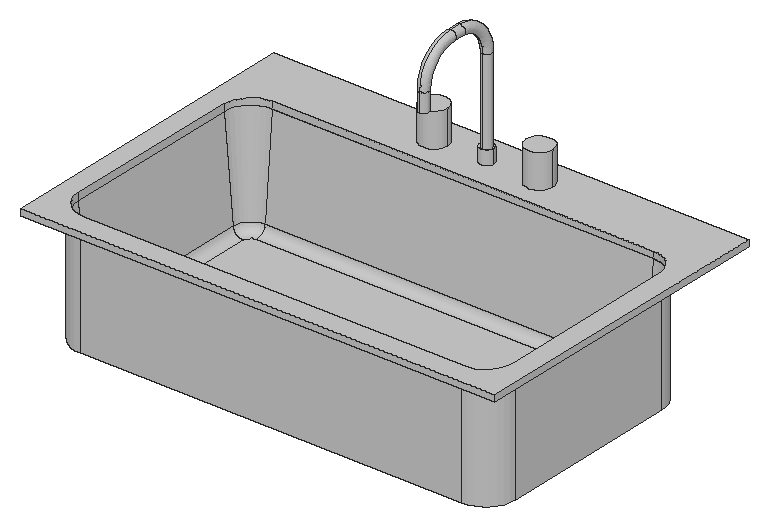
Revit family
Parameters (values of type "900 x  600mm")
  작업대 높이 [instance] = 900.00 mm
  깊이 = 600.00 mm
  설비 재료 = 금속 - 스틸, 광택
  싱크대 재료 = 금속 - 스틸, 광택
  폭 = 900.00 mm
  Assembly Code = ""
Types (2, lengths in mm): name | 깊이 | 폭
  760 x 535mm | 535.00 | 760.00
  900 x  600mm | 600.00 | 900.00
Reference planes
  plane 1 "중심(앞/뒤)": y = 2.345
  plane 2: z = 0
  plane 3 "중심(왼쪽/오른쪽)": x = 15.689
  plane 4: y = 302.345
  plane 5: y = -297.655
  plane 6: x = -434.311
  plane 7: x = 465.689
  plane 8 "작업대 상단": z = 900
  plane 9: z = 912.7
  plane 10: z = 684.1
  plane 11: y = 188.045
  plane 12: x = -396.211
  plane 13: y = -259.555
  plane 14: x = 427.589
  plane 15: x = -84.311
  plane 16: x = 115.689
  plane 17: y = 245.195
  plane 18: y = 245.195
  plane 19: y = 245.195
  plane 20: z = 1163.525
  plane 21: y = 95.97
  plane 22: z = 976.2
  plane 23: z = 938.1
Forms (mm)
  Extrusion 1, solid, material "금속 - 스틸, 광택" <- "싱크대 재료"
    sketch origin (0, 0, 0) x (1, 0, 0) y (0, 1, 0)
      loop
        line (-434.311, 302.345) -> (-434.311, -297.655) -> (465.689, -297.655) -> (465.689, 302.345) -> (-434.311, 302.345)
      loop
        arc (-345.411, 188.045) -> (-381.332, 173.166) -> (-396.211, 137.245) r 50.8
        line (-396.211, 137.245) -> (-396.211, -208.755)
        arc (-396.211, -208.755) -> (-381.332, -244.676) -> (-345.411, -259.555) r 50.8
        line (-345.411, -259.555) -> (376.789, -259.555)
        arc (376.789, -259.555) -> (412.71, -244.676) -> (427.589, -208.755) r 50.8
        line (427.589, -208.755) -> (427.589, 137.245)
        arc (427.589, 137.245) -> (412.71, 173.166) -> (376.789, 188.045) r 50.8
        line (376.789, 188.045) -> (-345.411, 188.045)
    from 900 to 912.7
  Sweep 2, solid, material "금속 - 스틸, 광택" <- "싱크대 재료"
    path origin (0, 0, 0) x (1, 0, 0) y (0, 1, 0)
      loop
        arc (-345.411, 188.045) -> (-381.332, 173.166) -> (-396.211, 137.245) r 50.8
        line (-396.211, 137.245) -> (-396.211, -208.755)
        arc (-396.211, -208.755) -> (-381.332, -244.676) -> (-345.411, -259.555) r 50.8
        line (-345.411, -259.555) -> (376.789, -259.555)
        arc (376.789, -259.555) -> (412.71, -244.676) -> (427.589, -208.755) r 50.8
        line (427.589, -208.755) -> (427.589, 137.245)
        arc (427.589, 137.245) -> (412.71, 173.166) -> (376.789, 188.045) r 50.8
        line (376.789, 188.045) -> (-345.411, 188.045)
    profile origin (15.689, 0, 0) x (0, 1, 0) y (0, 0, 1)
      loop
        line (188.045, 900) -> (171.511, 711.015)
        arc (171.511, 711.015) -> (165.404, 698.63) -> (152.534, 693.625) r 19.05
        line (152.534, 693.625) -> (149.945, 693.625) -> (149.945, 684.1) -> (194.395, 684.1) -> (194.395, 900) -> (188.045, 900)
  Extrusion 3, solid, material "금속 - 스틸, 광택" <- "싱크대 재료"
    sketch origin (0, 0, 0) x (1, 0, 0) y (0, 1, 0)
      loop
        arc (-345.411, 149.945) -> (-354.391, 146.226) -> (-358.111, 137.245) r 12.7
        line (-358.111, 137.245) -> (-358.111, -208.755)
        arc (-358.111, -208.755) -> (-354.391, -217.735) -> (-345.411, -221.455) r 12.7
        line (-345.411, -221.455) -> (376.789, -221.455)
        arc (376.789, -221.455) -> (385.769, -217.735) -> (389.489, -208.755) r 12.7
        line (389.489, -208.755) -> (389.489, 137.245)
        arc (389.489, 137.245) -> (385.769, 146.226) -> (376.789, 149.945) r 12.7
        line (376.789, 149.945) -> (-345.411, 149.945)
      loop
        circle (15.689, 0) r 25.4
    from 684.1 to 693.625
  Extrusion 4, solid, material "금속 - 스틸, 광택" <- "설비 재료"
    sketch origin (0, 0, 0) x (1, 0, 0) y (0, 1, 0)
      loop
        circle (-84.311, 245.195) r 25.4
      loop
        circle (115.689, 245.195) r 25.4
    from 912.7 to 976.2
  Sweep 5, solid, material "금속 - 스틸, 광택" <- "설비 재료"
    path origin (15.689, 0, 0) x (0, 1, 0) y (0, 0, 1)
      loop
        line (245.195, 912.7) -> (245.195, 1100.025)
        arc (245.195, 1100.025) -> (226.597, 1144.926) -> (181.695, 1163.525) r 63.5
        line (181.695, 1163.525) -> (159.47, 1163.525)
        arc (159.47, 1163.525) -> (114.569, 1144.926) -> (95.97, 1100.025) r 63.5
        line (95.97, 1100.025) -> (95.97, 1065.1)
    profile origin (15.689, 0, 1006.363) x (0, -1, 0) y (1, 0, 0)
      loop
        circle (-245.195, 0) r 9.525
  Extrusion 6, solid, material "금속 - 스틸, 광택" <- "설비 재료"
    sketch origin (0, 0, 0) x (1, 0, 0) y (0, 1, 0)
      loop
        circle (15.689, 245.195) r 12.7
    from 912.7 to 938.1
Cuts and joins
  joined: Sweep 5, Extrusion 6
  joined: Sweep 2, Extrusion 3
Lines and regions (mm)
  Masking region 1
    outline origin (0, 0, 900) x (0, -1, 0) y (1, 0, 0)
      loop
        line (-302.345, -434.311) -> (297.655, -434.311) -> (297.655, 465.689) -> (-302.345, 465.689) -> (-302.345, -434.311)
  symbolic lines
    curve 1: arc (41.089, 0, 900) -> (15.689, 25.4, 900) -> (-9.711, 0, 900) r 25.4
    curve 2: arc (-9.711, 0, 900) -> (15.689, -25.4, 900) -> (41.089, 0, 900) r 25.4
    curve 3: line (-396.211, 137.245, 900) -> (-396.211, -208.755, 900)
    curve 4: line (-345.411, -259.555, 900) -> (376.789, -259.555, 900)
    curve 5: line (427.589, -208.755, 900) -> (427.589, 137.245, 900)
    curve 6: line (376.789, 188.045, 900) -> (28.389, 188.045, 900)
    curve 7: arc (427.589, 137.245, 900) -> (412.71, 173.166, 900) -> (376.789, 188.045, 900) r 50.8
    curve 8: arc (376.789, -259.555, 900) -> (412.71, -244.676, 900) -> (427.589, -208.755, 900) r 50.8
    curve 9: arc (-396.211, -208.755, 900) -> (-381.332, -244.676, 900) -> (-345.411, -259.555, 900) r 50.8
    curve 10: arc (-345.411, 188.045, 900) -> (-381.332, 173.166, 900) -> (-396.211, 137.245, 900) r 50.8
    curve 11: arc (28.389, 245.195, 900) -> (15.689, 257.895, 900) -> (2.989, 245.195, 900) r 12.7
    curve 12: line (2.989, 245.195, 900) -> (2.989, 53.145, 900)
    curve 13: line (28.389, 245.195, 900) -> (28.389, 53.145, 900)
    curve 14: arc (28.389, 53.145, 900) -> (15.689, 40.445, 900) -> (2.989, 53.145, 900) r 12.7
    curve 15: line (2.989, 188.045, 900) -> (-345.411, 188.045, 900)
    curve 16: arc (-58.911, 245.195, 900) -> (-84.311, 270.595, 900) -> (-109.711, 245.195, 900) r 25.4
    curve 17: arc (-109.711, 245.195, 900) -> (-84.311, 219.795, 900) -> (-58.911, 245.195, 900) r 25.4
    curve 18: arc (90.289, 245.195, 900) -> (115.689, 219.795, 900) -> (141.089, 245.195, 900) r 25.4
    curve 19: arc (141.089, 245.195, 900) -> (115.689, 270.595, 900) -> (90.289, 245.195, 900) r 25.4
Dimensions and locks
  equal spacing: plane 6, plane 3 "중심(왼쪽/오른쪽)", plane 7
  "폭": plane 6 to plane 7
  equal spacing: plane 5, plane 1 "중심(앞/뒤)", plane 4
  "깊이": plane 5 to plane 4
  "작업대 높이": plane 8 "작업대 상단" to plane 2
  locked: plane 9 to plane 8 "작업대 상단" at 12.7
  locked: plane 8 "작업대 상단" to plane 10 at 215.9
  locked: plane 6 to plane 12 at 38.1
  locked: plane 14 to plane 7 at 38.1
  locked: plane 11 to plane 4 at 114.3
  locked: plane 5 to plane 13 at 38.1
  equal spacing: plane 11, plane 17, plane 4
  equal spacing: plane 11, plane 18, plane 4
  equal spacing: plane 4, plane 19, plane 11
  locked: plane 19 to plane 21 at 149.225
  locked: plane 20 to plane 9 at 250.825
  locked: plane 22 to plane 9 at 63.5
  locked: plane 23 to plane 9 at 25.4
  locked: plane 15 to plane 3 "중심(왼쪽/오른쪽)" at 100
  locked: plane 3 "중심(왼쪽/오른쪽)" to plane 16 at 100
  aligned and locked: Extrusion 1 sketch curve to plane 5
  aligned and locked: plane 7 to Extrusion 1 sketch curve
  aligned and locked: plane 4 to Extrusion 1 sketch curve
  aligned and locked: Extrusion 1 sketch curve to plane 6
  aligned and locked: plane 8 "작업대 상단" to Extrusion 1
  aligned and locked: Extrusion 1 to plane 9
  aligned and locked: plane 11 to Extrusion 1 sketch curve
  aligned and locked: plane 14 to Extrusion 1 sketch curve
  aligned and locked: Extrusion 1 sketch curve to plane 12
  aligned and locked: Extrusion 1 sketch curve to plane 13
  aligned and locked: plane 11 to Sweep 2 sketch curve
  aligned and locked: plane 14 to Sweep 2 sketch curve
  aligned and locked: Sweep 2 sketch curve to plane 12
  aligned and locked: Sweep 2 sketch curve to plane 13
  aligned and locked: Sweep 2 to Extrusion 3 sketch curve  (x4)
  aligned and locked: Sweep 2 to Extrusion 3
  aligned and locked: plane 10 to Extrusion 3
  aligned and locked: Sweep 2 sketch curve to plane 10
  aligned and locked: plane 8 "작업대 상단" to Sweep 2 sketch curve
  aligned and locked: Extrusion 4 to Extrusion 1
  aligned and locked: Extrusion 6 to Extrusion 1
  aligned and locked: Sweep 5 sketch curve to plane 19
  aligned and locked: plane 20 to Sweep 5 sketch curve
  aligned and locked: plane 21 to Sweep 5 sketch curve
  aligned and locked: Extrusion 4 to plane 22
  aligned and locked: Extrusion 6 to plane 23
  aligned and locked: plane 7 to Masking region 1 sketch curve
  aligned and locked: plane 4 to Masking region 1 sketch curve
  aligned and locked: Masking region 1 sketch curve to plane 6
  aligned and locked: Masking region 1 sketch curve to plane 5
  aligned and locked: plane 15 to Extrusion 4 sketch curve
  aligned and locked: plane 17 to Extrusion 4 sketch curve  (x2)
  aligned and locked: plane 16 to Extrusion 4 sketch curve
  aligned and locked: curve 16 to Extrusion 4
  aligned and locked: curve 18 to Extrusion 4
Automatic sketch dimensions
  Sweep 2 sketch curve to plane 12 = 50.80 mm
  Sweep 2 sketch curve to Sweep 2 sketch curve = 50.80 mm
  plane 11 to Sweep 2 sketch curve = 50.80 mm
  plane 14 to Sweep 2 sketch curve = 50.80 mm
  Extrusion 1 sketch curve to plane 12 = 50.80 mm  (x2)
  plane 14 to Extrusion 1 sketch curve = 50.80 mm  (x2)
  Extrusion 3 sketch curve to plane 3 "중심(왼쪽/오른쪽)" = 0.00 mm
  Extrusion 3 sketch curve to Extrusion 3 sketch curve = 12.70 mm  (x4)
  plane 1 "중심(앞/뒤)" to Extrusion 3 sketch curve = 2.345 mm
  Extrusion 3 sketch curve to plane 3 "중심(왼쪽/오른쪽)" = 25.40 mm
  Sweep 2 sketch curve to profile plane = 0.00 mm
  profile plane to Sweep 2 sketch curve = 16.534 mm
  Sweep 2 sketch curve to Sweep 2 sketch curve = 18.978 mm
  Sweep 2 sketch curve to Sweep 2 sketch curve = 2.588 mm
  Sweep 2 sketch curve to profile plane = 6.35 mm
  Sweep 2 sketch curve to Sweep 2 sketch curve = 9.525 mm
  Sweep 2 sketch curve to Sweep 2 sketch curve = 17.39 mm
  plane 15 to Extrusion 4 sketch curve = 25.40 mm
  plane 16 to Extrusion 4 sketch curve = 25.40 mm
  Sweep 5 sketch curve to plane 3 "중심(왼쪽/오른쪽)" = 0.00 mm
  Sweep 5 sketch curve to profile plane = 0.00 mm
  profile plane to Sweep 5 sketch curve = 9.525 mm
  Extrusion 6 sketch curve to plane 18 = 0.00 mm
  Extrusion 6 sketch curve to plane 3 "중심(왼쪽/오른쪽)" = 0.00 mm
  Extrusion 6 sketch curve to plane 3 "중심(왼쪽/오른쪽)" = 12.70 mm
  Sweep 5 sketch curve to plane 9 = 0.00 mm
  Sweep 5 sketch curve to Sweep 5 sketch curve = 63.50 mm
  plane 11 to Sweep 5 sketch curve = 6.35 mm
  Sweep 5 sketch curve to Sweep 5 sketch curve = 34.925 mm
  curve 15 to plane 11 = 0.00 mm
  curve 6 to plane 11 = 0.00 mm
  curve 5 to plane 14 = 0.00 mm
  curve 3 to plane 12 = 0.00 mm
  curve 14 to plane 3 "중심(왼쪽/오른쪽)" = 0.00 mm
  curve 2 to plane 3 "중심(왼쪽/오른쪽)" = 0.00 mm
  curve 9 to plane 13 = 0.00 mm
  plane 4 to curve 11 = 57.15 mm
  plane 11 to curve 7 = 50.80 mm
  plane 11 to curve 10 = 50.80 mm
  curve 13 to plane 1 "중심(앞/뒤)" = 50.80 mm
  plane 1 "중심(앞/뒤)" to curve 1 = 2.345 mm
  curve 3 to plane 13 = 50.80 mm
  curve 8 to plane 13 = 50.80 mm
  curve 2 to plane 3 "중심(왼쪽/오른쪽)" = 25.40 mm
  curve 15 to plane 3 "중심(왼쪽/오른쪽)" = 12.70 mm
